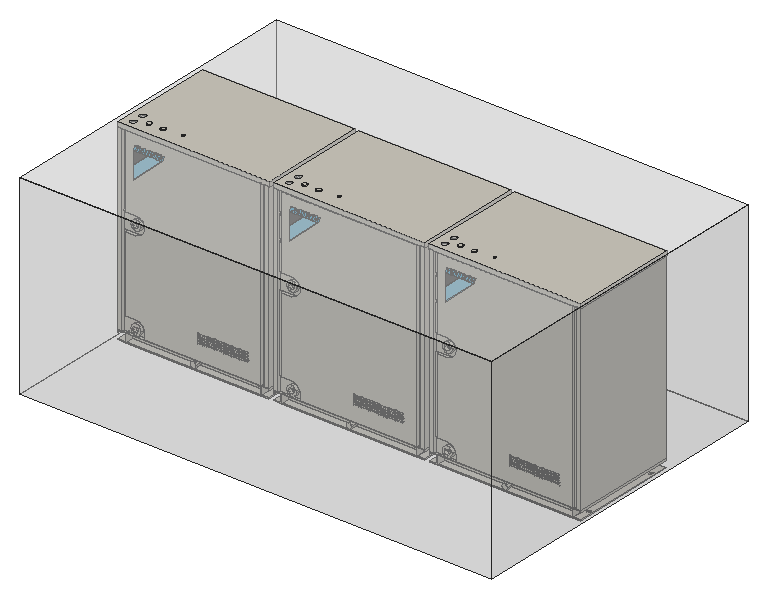
Revit family "outputfile", category 機械設備, Revit 2024 (continued)
Definition of nested family "DAIKIN_outdoorunit_RWEYQ-TY14"
  Definition of nested family "outdoorunit_frontpanel"
    Dimensions and locks
      aligned and locked: level to plane 2 "Bottom"
      aligned and locked: plane 8 "Left" to Extrusion 1 sketch curve
      aligned and locked: Extrusion 1 sketch curve to plane 4 "Back"
      aligned and locked: plane 5 "Front" to Extrusion 1 sketch curve
      aligned and locked: Extrusion 1 to plane 2 "Bottom"
      aligned and locked: plane 7 "Top" to Extrusion 1
      aligned and locked: plane 3 to plane 8 "Left"
      aligned and locked: plane 8 "Left" to Extrusion 2 sketch curve
      aligned and locked: Extrusion 2 sketch curve to plane 7 "Top"
      aligned and locked: plane 2 "Bottom" to Extrusion 2 sketch curve
      aligned and locked: Extrusion 2 sketch curve to plane 2 "Bottom"
      aligned and locked: plane 6 to Extrusion 2 sketch curve
      aligned and locked: plane 7 "Top" to Extrusion 2 sketch curve
      aligned and locked: Extrusion 2 to plane 1 "Center (Front/Back)"
      aligned and locked: plane 9 "Center L/S" to Extrusion 3
      aligned and locked: Extrusion 4 sketch curve to plane 7 "Top"
      aligned and locked: plane 2 "Bottom" to Extrusion 4 sketch curve
      aligned and locked: Extrusion 4 to plane 9 "Center L/S"
      aligned and locked: Extrusion 5 to plane 5 "Front"
      aligned and locked: plane 9 "Center L/S" to Extrusion 5
      aligned and locked: Extrusion 6 to plane 10 "Center L/T"
    Automatic sketch dimensions
      Extrusion 1 sketch curve to plane 6 = 0.0 mm
      Extrusion 3 sketch curve to plane 7 "Top" = 0.0 mm
      plane 3 to Extrusion 3 sketch curve = 2.0 mm  (x4)
      plane 3 to Extrusion 3 sketch curve = 10.5 mm
      Extrusion 3 sketch curve to Extrusion 3 sketch curve = 71.0 mm
      level to Extrusion 3 sketch curve = 31.0 mm
      Extrusion 3 sketch curve to plane 3 = 33.0 mm
      plane 6 to Extrusion 4 sketch curve = 236.161 mm
      Extrusion 5 sketch curve to Extrusion 5 sketch curve = 0.0 mm  (x4)
      plane 3 to Extrusion 5 sketch curve = 73.0 mm  (x2)
      level to Extrusion 5 sketch curve = 31.0 mm
      Extrusion 5 sketch curve to plane 7 "Top" = 420.0 mm
      level to Extrusion 6 sketch curve = 131.0 mm
      Extrusion 6 sketch curve to plane 6 = 345.2 mm
      Extrusion 6 sketch curve to Extrusion 6 sketch curve = 0.0 mm  (x40)
      Extrusion 6 sketch curve to Extrusion 6 sketch curve = 42.7 mm  (x2)
      Extrusion 6 sketch curve to Extrusion 6 sketch curve = 1.0 mm  (x32)
      Extrusion 6 sketch curve to Extrusion 6 sketch curve = 42.2 mm  (x4)
      Extrusion 6 sketch curve to Extrusion 6 sketch curve = 12.25 mm  (x7)
      Extrusion 6 sketch curve to Extrusion 6 sketch curve = 11.75 mm  (x9)
      radius of Extrusion 5 sketch curve = 25.0 mm  (x2)
      radius of Extrusion 5 sketch curve = 15.5 mm  (x2)
  Definition of nested family "outdoorunit_rightpanel1"
    Parameters (values of type "frontpanel1")
      width = 550.0 mm
      material [instance] = none
      height1 = 931.0 mm
      depth = 20.0 mm
      Default Elevation = 0.0 mm
    Reference planes
      plane 1 "Center (Front/Back)": y = 0
      plane 2 "Bottom": z = 0
      plane 3: x = 0
      plane 4 "Back": y = 10
      plane 5 "Front": y = -10
      plane 6: x = 550
      plane 7 "Top": z = 931
      plane 8 "Left": x = 0
      plane 9: y = -8.75
      plane 10: z = 639
      plane 11: y = -5.75
      plane 12: y = -2.551
      plane 13: y = -13
      plane 14: x = 275
    Forms (mm)
      Extrusion 1, solid, material <- "material"
        sketch origin (0, 0, 0) x (1, 0, 0) y (0, 1, 0)
          loop
            line (0, 10) -> (0, -10) -> (550, -10) -> (550, 10) -> (0, 10)
        from 0 to 931
    Dimensions and locks
      equal spacing: plane 4 "Back", plane 1 "Center (Front/Back)", plane 5 "Front"
      "depth": plane 4 "Back" to plane 5 "Front"
      "width": plane 8 "Left" to plane 6
      "height1": plane 7 "Top" to plane 2 "Bottom"
      locked: plane 10 to plane 2 "Bottom" at 639
      locked: plane 12 to plane 11 at 3.199
      plane 5 "Front" to plane 13 = 3.0 mm
      equal spacing: plane 8 "Left", plane 14, plane 6
      aligned and locked: level to plane 2 "Bottom"
      aligned and locked: plane 8 "Left" to Extrusion 1 sketch curve
      aligned and locked: Extrusion 1 sketch curve to plane 4 "Back"
      aligned and locked: plane 5 "Front" to Extrusion 1 sketch curve
      aligned and locked: Extrusion 1 to plane 2 "Bottom"
      aligned and locked: plane 7 "Top" to Extrusion 1
      aligned and locked: plane 3 to plane 8 "Left"
    Automatic sketch dimensions
      Extrusion 1 sketch curve to plane 6 = 0.0 mm
  Definition of nested family "outdoorunit_backpanel"
    Parameters (values of type "frontpanel1")
      width = 736.0 mm
      material [instance] = none
      height1 = 931.0 mm
      depth = 20.0 mm
      Default Elevation = 0.0 mm
    Reference planes
      plane 1 "Center (Front/Back)": y = 0
      plane 2 "Bottom": z = 0
      plane 3: x = 0
      plane 4 "Back": y = 10
      plane 5 "Front": y = -10
      plane 6: x = 736
      plane 7 "Top": z = 931
      plane 8 "Left": x = 0
      plane 9: z = 639
      plane 10: x = 368
    Forms (mm)
      Extrusion 1, solid, material <- "material"
        sketch origin (0, 0, 0) x (1, 0, 0) y (0, 1, 0)
          loop
            line (0, 10) -> (0, -10) -> (736, -10) -> (736, 10) -> (0, 10)
        from 0 to 931
      Extrusion 2, void
        sketch origin (0, 0, 0) x (1, 0, 0) y (0, 1, 0)
          loop
            line (0, -4) -> (0, -10) -> (21, -10) -> (21, -7) -> (2, -7) -> (2, -4) -> (0, -4)
          loop
            line (736, -4) -> (734, -4) -> (734, -7) -> (715, -7) -> (715, -10) -> (736, -10) -> (736, -4)
        from 0 to 931
    Cuts and joins
      Extrusion 2 cuts Extrusion 1
    Dimensions and locks
      equal spacing: plane 4 "Back", plane 1 "Center (Front/Back)", plane 5 "Front"
      "depth": plane 4 "Back" to plane 5 "Front"
      "width": plane 8 "Left" to plane 6
      "height1": plane 7 "Top" to plane 2 "Bottom"
      locked: plane 9 to plane 2 "Bottom" at 639
      equal spacing: plane 8 "Left", plane 10, plane 6
      aligned and locked: level to plane 2 "Bottom"
      aligned and locked: plane 8 "Left" to Extrusion 1 sketch curve
      aligned and locked: Extrusion 1 sketch curve to plane 4 "Back"
      aligned and locked: plane 5 "Front" to Extrusion 1 sketch curve
      aligned and locked: Extrusion 1 to plane 2 "Bottom"
      aligned and locked: plane 7 "Top" to Extrusion 1
      aligned and locked: plane 3 to plane 8 "Left"
    Automatic sketch dimensions
      Extrusion 1 sketch curve to plane 6 = 0.0 mm
      Extrusion 2 sketch curve to plane 3 = 0.0 mm
      Extrusion 2 sketch curve to plane 5 "Front" = 0.0 mm  (x2)
      Extrusion 2 sketch curve to plane 6 = 0.0 mm
      plane 3 to Extrusion 2 sketch curve = 2.0 mm
      Extrusion 2 sketch curve to Extrusion 2 sketch curve = 19.0 mm
      Extrusion 2 sketch curve to Extrusion 2 sketch curve = 21.0 mm
      Extrusion 2 sketch curve to plane 6 = 2.0 mm
      Extrusion 2 sketch curve to Extrusion 2 sketch curve = 3.0 mm  (x4)
  Definition of nested family "outdoorunit_leftpanel"
    Parameters (values of type "frontpanel1")
      width = 550.0 mm
      material [instance] = none
      height1 = 931.0 mm
      depth = 20.0 mm
      Default Elevation = 0.0 mm
    Reference planes
      plane 1 "Center (Front/Back)": y = 0
      plane 2 "Bottom": z = 0
      plane 3: x = 0
      plane 4 "Back": y = 10
      plane 5 "Front": y = -10
      plane 6: x = 550
      plane 7 "Top": z = 931
      plane 8 "Left": x = 0
      plane 9: y = -8.75
      plane 10: z = 639
      plane 11: y = -5.75
      plane 12: y = -2.551
      plane 13: y = -13
      plane 14: x = 275
    Forms (mm)
      Extrusion 1, solid, material <- "material"
        sketch origin (0, 0, 0) x (1, 0, 0) y (0, 1, 0)
          loop
            line (0, 10) -> (0, -10) -> (550, -10) -> (550, 10) -> (0, 10)
        from 0 to 931
    Dimensions and locks
      equal spacing: plane 4 "Back", plane 1 "Center (Front/Back)", plane 5 "Front"
      "depth": plane 4 "Back" to plane 5 "Front"
      "width": plane 8 "Left" to plane 6
      "height1": plane 7 "Top" to plane 2 "Bottom"
      locked: plane 10 to plane 2 "Bottom" at 639
      locked: plane 12 to plane 11 at 3.199
      plane 5 "Front" to plane 13 = 3.0 mm
      equal spacing: plane 8 "Left", plane 14, plane 6
      aligned and locked: level to plane 2 "Bottom"
      aligned and locked: plane 8 "Left" to Extrusion 1 sketch curve
      aligned and locked: Extrusion 1 sketch curve to plane 4 "Back"
      aligned and locked: plane 5 "Front" to Extrusion 1 sketch curve
      aligned and locked: Extrusion 1 to plane 2 "Bottom"
      aligned and locked: plane 7 "Top" to Extrusion 1
      aligned and locked: plane 3 to plane 8 "Left"
    Automatic sketch dimensions
      Extrusion 1 sketch curve to plane 6 = 0.0 mm
  Definition of nested family "outdoorunit_uppanel"
    Parameters (values of type "frontpanel1")
      width = 780.0 mm
      material [instance] = none
      height1 = 550.0 mm
      depth = 24.0 mm
      Default Elevation = 0.0 mm
    Reference planes
      plane 1 "Center (Front/Back)": y = 0
      plane 2 "Bottom": z = 0
      plane 3: x = 0
      plane 4 "Back": y = 12
      plane 5 "Front": y = -12
      plane 6: x = 780
      plane 7 "Top": z = 550
      plane 8 "Left": x = 0
      plane 9: y = -8.75
      plane 10: z = 639
      plane 11: y = -5.75
      plane 12: y = -2.551
    Forms (mm)
      Extrusion 1, solid, material <- "material"
        sketch origin (0, 0, 0) x (1, 0, 0) y (0, 1, 0)
          loop
            line (0, 12) -> (0, -12) -> (780, -12) -> (780, 12) -> (0, 12)
        from 0 to 550
      Extrusion 2, void
        sketch origin (0, 0, 0) x (1, 0, 0) y (0, 0, 1)
          loop
            circle (51, 38) r 14.5
          loop
            circle (51, 98) r 14.5
        from 9 to 12
    Cuts and joins
      Extrusion 2 cuts Extrusion 1
    Dimensions and locks
      equal spacing: plane 4 "Back", plane 1 "Center (Front/Back)", plane 5 "Front"
      "depth": plane 4 "Back" to plane 5 "Front"
      "width": plane 8 "Left" to plane 6
      "height1": plane 7 "Top" to plane 2 "Bottom"
      locked: plane 10 to plane 2 "Bottom" at 639
      locked: Extrusion 2 sketch curve to plane 8 "Left" at 51  (x2)
      locked: Extrusion 2 sketch curve to level at 38
      locked: Extrusion 2 sketch curve to Extrusion 2 sketch curve at 60
      aligned and locked: level to plane 2 "Bottom"
      aligned and locked: plane 8 "Left" to Extrusion 1 sketch curve
      aligned and locked: Extrusion 1 sketch curve to plane 4 "Back"
      aligned and locked: Extrusion 1 sketch curve to plane 5 "Front"
      aligned and locked: Extrusion 1 to plane 2 "Bottom"
      aligned and locked: plane 7 "Top" to Extrusion 1
      aligned and locked: plane 3 to plane 8 "Left"
    Automatic sketch dimensions
      Extrusion 1 sketch curve to plane 6 = 0.0 mm
      radius of Extrusion 2 sketch curve = 14.5 mm  (x2)
  Definition of nested family "outdoorunit_downpanel"
    Parameters (values of type "frontpanel1")
      width = 736.0 mm
      material [instance] = none
      height1 = 510.0 mm
      depth = 20.0 mm
      Default Elevation = 0.0 mm
    Reference planes
      plane 1 "Center (Front/Back)": y = 0
      plane 2 "Bottom": z = 0
      plane 3: x = 0
      plane 4 "Back": y = 10
      plane 5 "Front": y = -10
      plane 6: x = 736
      plane 7 "Top": z = 510
      plane 8 "Left": x = 0
      plane 9: z = 255
      plane 10: y = -18
      plane 11: y = 6
      plane 12: y = 8
      plane 13: x = 368
    Forms (mm)
      Extrusion 1, solid, material <- "material"
        sketch origin (0, 0, 0) x (1, 0, 0) y (0, 1, 0)
          loop
            line (0, 10) -> (0, -10) -> (736, -10) -> (736, 10) -> (0, 10)
        from 0 to 510
    Dimensions and locks
      equal spacing: plane 4 "Back", plane 1 "Center (Front/Back)", plane 5 "Front"
      "depth": plane 4 "Back" to plane 5 "Front"
      "width": plane 8 "Left" to plane 6
      "height1": plane 7 "Top" to plane 2 "Bottom"
      plane 4 "Back" to plane 11 = 4.0 mm
      plane 4 "Back" to plane 12 = 2.0 mm
      equal spacing: plane 8 "Left", plane 13, plane 6
      equal spacing: plane 7 "Top", plane 9, plane 2 "Bottom"
      aligned and locked: level to plane 2 "Bottom"
      aligned and locked: plane 8 "Left" to Extrusion 1 sketch curve
      aligned and locked: Extrusion 1 sketch curve to plane 4 "Back"
      aligned and locked: plane 5 "Front" to Extrusion 1 sketch curve
      aligned and locked: Extrusion 1 to plane 2 "Bottom"
      aligned and locked: plane 7 "Top" to Extrusion 1
      aligned and locked: plane 3 to plane 8 "Left"
    Automatic sketch dimensions
      Extrusion 1 sketch curve to plane 6 = 0.0 mm
  Definition of nested family "daikin_mountinghole"
    Parameters (values of type "daikin_mountinghole")
      Default Elevation = 1219.2 mm
      Type Comments = "mountinghole"
      show [instance] = yes
      material = none
      l_centerline = 100.0 mm
      l_antenna [instance] = 100.0 mm
      h_mountinghole [instance] = 0.0 mm
      d_circle = 30.0 mm
      Link_Nested Family [instance] = ""
    Reference planes
      plane 1 "Center (Front/Back)": y = 0
      plane 2: z = 0
      plane 3 "Center (Left/Right)": x = 0
      plane 4: y = 50
      plane 5: x = -50
      plane 6: x = 50
      plane 7: y = -50
      plane 8 "h_mountinghole": z = 0
      plane 9: z = 100
    Lines and regions (mm)
      model lines, detail levels fine
        curve 1: circle (0, 0, 0) r 15 normal (0, 0, 1)
        curve 2: line (-50, 0, 0) -> (50, 0, 0)
        curve 3: line (0, 50, 0) -> (0, -50, 0)
      symbolic lines, detail levels fine
        curve 4: circle (0, 0, 0) r 15 normal (0, 0, 1)
        curve 5: line (-50, 0, 0) -> (50, 0, 0)
        curve 6: line (0, 50, 0) -> (0, -50, 0)
      model lines
        curve 7: line (0, 0, 100) -> (0, 0, 0)
    Dimensions and locks
      equal spacing: plane 4, plane 1 "Center (Front/Back)", plane 7
      "l_centerline": plane 4 to plane 7
      equal spacing: plane 5, plane 3 "Center (Left/Right)", plane 6
      "l_centerline": plane 5 to plane 6
      "l_antenna": plane 9 to plane 8 "h_mountinghole"
      "h_mountinghole": plane 8 "h_mountinghole" to plane 2
      "d_circle": diameter of curve 1
      "d_circle": diameter of curve 4
      aligned and locked: level to plane 2
      aligned and locked: plane 1 "Center (Front/Back)" to curve 1
      aligned and locked: plane 3 "Center (Left/Right)" to curve 1
      aligned and locked: plane 1 "Center (Front/Back)" to curve 2
      aligned and locked: curve 3 to plane 3 "Center (Left/Right)"
      aligned and locked: plane 6 to curve 2
      aligned and locked: plane 5 to curve 2
      aligned and locked: plane 4 to curve 3
      aligned and locked: plane 7 to curve 3
      aligned and locked: plane 1 "Center (Front/Back)" to curve 4
      aligned and locked: plane 3 "Center (Left/Right)" to curve 4
      aligned and locked: plane 6 to curve 5
      aligned and locked: plane 5 to curve 5
      aligned and locked: plane 1 "Center (Front/Back)" to curve 5
      aligned and locked: plane 4 to curve 6
      aligned and locked: plane 7 to curve 6
      aligned and locked: curve 6 to plane 3 "Center (Left/Right)"
      aligned and locked: curve 7 to plane 3 "Center (Left/Right)"
      aligned and locked: plane 9 to curve 7
      aligned and locked: plane 8 "h_mountinghole" to curve 7
Definition of nested family "daikin_clearancespace"
  Parameters (values of type "daikin_clearancespace")
    Description = "daikin_clearancespace"
    width [instance] = 1823.963 mm
    show [instance] = yes
    material = none
    height [instance] = 1359.762 mm
    depth [instance] = 880.0 mm
    Default Elevation = 0.0 mm
    Link_Nested Family [instance] = ""
  Reference planes
    plane 1 "Center (Front/Back)": y = 0
    plane 2 "Center (Elevation)": z = -0.119
    plane 3 "Center (Left/Right)": x = 0
    plane 4: y = 440
    plane 5: y = -440
    plane 6 "Right": x = 911.982
    plane 7 "Left": x = -911.982
    plane 8 "Top": z = 679.762
    plane 9 "Bottom": z = -680
  Forms (mm)
    Extrusion 1, solid, material <- "material", visible <- "show"
      sketch origin (0, 0, 0) x (1, 0, 0) y (0, 1, 0)
        loop
          line (-911.982, 440) -> (-911.982, -440) -> (911.982, -440) -> (911.982, 440) -> (-911.982, 440)
      from -680 to 679.762
  Lines and regions (mm)
    symbolic lines, visible <- "show"
      curve 1: line (911.982, 440, 0) -> (-911.982, 440, 0)
      curve 2: line (-911.982, 440, 0) -> (-911.982, -440, 0)
      curve 3: line (-911.982, -440, 0) -> (911.982, -440, 0)
      curve 4: line (911.982, -440, 0) -> (911.982, 440, 0)
      curve 5: line (911.982, 0, 679.762) -> (-911.982, 0, 679.762)
      curve 6: line (911.982, 0, -680) -> (911.982, 0, 679.762)
      curve 7: line (-911.982, 0, -680) -> (911.982, 0, -680)
      curve 8: line (-911.982, 0, 679.762) -> (-911.982, 0, -680)
      curve 9: line (0, 440, 679.762) -> (0, -440, 679.762)
      curve 10: line (0, -440, 679.762) -> (0, -440, -680)
      curve 11: line (0, 440, -680) -> (0, 440, 679.762)
      curve 12: line (0, -440, -680) -> (0, 440, -680)
  Dimensions and locks
    "width": plane 7 "Left" to plane 6 "Right"
    "depth": plane 4 to plane 5
    "height": plane 8 "Top" to plane 9 "Bottom"
    equal spacing: plane 7 "Left", plane 3 "Center (Left/Right)", plane 6 "Right"
    equal spacing: plane 4, plane 1 "Center (Front/Back)", plane 5
    equal spacing: plane 8 "Top", plane 2 "Center (Elevation)", plane 9 "Bottom"
    aligned and locked: level to plane 2 "Center (Elevation)"
    aligned and locked: Extrusion 1 sketch curve to plane 4
    aligned and locked: plane 7 "Left" to Extrusion 1 sketch curve
    aligned and locked: Extrusion 1 sketch curve to plane 5
    aligned and locked: Extrusion 1 sketch curve to plane 6 "Right"
    aligned and locked: plane 8 "Top" to Extrusion 1
    aligned and locked: curve 1 to Extrusion 1
    aligned and locked: curve 2 to Extrusion 1
    aligned and locked: curve 3 to Extrusion 1
    aligned and locked: curve 4 to Extrusion 1
    aligned and locked: curve 5 to Extrusion 1
    aligned and locked: curve 6 to Extrusion 1
    aligned and locked: curve 7 to Extrusion 1
    aligned and locked: curve 8 to Extrusion 1
    aligned and locked: curve 9 to Extrusion 1
    aligned and locked: curve 10 to Extrusion 1
    aligned and locked: curve 11 to Extrusion 1
    aligned and locked: curve 12 to Extrusion 1
    aligned and locked: Extrusion 1 to plane 9 "Bottom"
Definition of nested family "daikin_logo_elevation_w150"
  Parameters (values of type "daikin_logo_elevation_w150")
    width = 150.0 mm
    show_logo [instance] = yes
    material = none
    height = 180.0 mm
    depth = 5.0 mm
    Default Elevation = 0.0 mm
  Reference planes
    plane 1 "Center (Front/Back)": y = 0
    plane 2: z = 0
    plane 3 "Center (Left/Right)": x = 0
    plane 4 "top": z = 180
    plane 5: z = 155.432
    plane 6 "left": x = -90
    plane 7 "right": x = 60
    plane 8: y = -5
  Forms (mm)
    Extrusion 1, solid, visible <- "show_logo"
      sketch origin (0, 0, 0) x (1, 0, 0) y (0, 0, 1)
        loop
          line (-90, 22.832) -> (54.211, 155.432) -> (-19.804, 155.432) -> (-90, 91.131) -> (-90, 22.832)
      from 0 to 5
    Extrusion 2, solid, visible <- "show_logo"
      sketch origin (0, 0, 0) x (1, 0, 0) y (0, 0, 1)
        loop
          line (-90, 155.432) -> (-90, 91.131) -> (-19.804, 155.432) -> (-90, 155.432)
      from 0 to 5
    Extrusion 3, solid, visible <- "show_logo"
      sketch origin (0, 0, 0) x (1, 0, 0) y (0, 0, 1)
        loop
          line (-73.294, 180) -> (-84.431, 180) -> (-90, 157.726) -> (-73.294, 157.726)
          arc (-73.294, 157.726) -> (-66.673, 159.069) -> (-61.582, 163.51) r 13.209
          arc (-61.582, 163.51) -> (-59.344, 169.288) -> (-60.109, 175.436) r 12.685
          arc (-60.109, 175.436) -> (-61.683, 177.678) -> (-64.031, 179.088) r 6.606
          arc (-64.031, 179.088) -> (-68.629, 179.878) -> (-73.294, 180) r 32.396
        loop
          line (-78.863, 162.18) -> (-74.408, 162.18)
          arc (-74.408, 162.18) -> (-70.986, 164.473) -> (-69.002, 168.082) r 8.708
          arc (-69.002, 168.082) -> (-68.734, 170.84) -> (-69.386, 173.533) r 8.337
          arc (-69.386, 173.533) -> (-70.358, 174.487) -> (-71.624, 174.988) r 3.442
          line (-71.624, 174.988) -> (-76.078, 174.988) -> (-78.863, 162.18)
        loop
          line (-61.043, 157.726) -> (-54.918, 157.726) -> (-52.829, 161.624) -> (-44.059, 161.624) -> (-43.223, 157.726) -> (-33.2, 157.726) -> (-37.655, 180) -> (-48.792, 180) -> (-61.043, 157.726)
        loop
          line (-50.145, 166.635) -> (-45.133, 166.635) -> (-46.565, 173.318) -> (-50.145, 166.635)
        loop
          line (-24.847, 180) -> (-30.416, 157.726) -> (-20.949, 157.726) -> (-15.38, 180) -> (-24.847, 180)
        loop
          line (-15.38, 157.726) -> (-5.914, 157.726) -> (-4.4, 163.779) -> (0.212, 157.726) -> (11.906, 157.726) -> (2.996, 169.42) -> (15.804, 180) -> (5.78, 180) -> (-1.94, 173.623) -> (-0.345, 180) -> (-9.812, 180) -> (-15.38, 157.726)
        loop
          line (20.259, 180) -> (14.133, 157.726) -> (24.157, 157.726) -> (29.725, 180) -> (20.259, 180)
        loop
          line (29.725, 157.726) -> (36.408, 157.726) -> (39.555, 170.315) -> (43.647, 157.726) -> (54.784, 157.726) -> (60.353, 180) -> (53.671, 180) -> (50.281, 166.442) -> (45.874, 180) -> (35.294, 180) -> (29.725, 157.726)
      from 0 to 5
  Dimensions and locks
    "height": plane 4 "top" to plane 2
    locked: plane 4 "top" to plane 5 at 24.568
    "width": plane 6 "left" to plane 7 "right"
    "depth": plane 8 to plane 1 "Center (Front/Back)"
    aligned and locked: level to plane 2
    aligned and locked: plane 4 "top" to Extrusion 3  (x8)
    aligned and locked: plane 5 to Extrusion 1
    aligned and locked: plane 5 to Extrusion 2
    aligned and locked: plane 6 "left" to Extrusion 2
    aligned and locked: plane 6 "left" to Extrusion 1
    aligned and locked: Extrusion 3 to plane 8
    aligned and locked: Extrusion 1 to plane 8
    aligned and locked: Extrusion 2 to plane 8
  Automatic sketch dimensions
    level to Extrusion 1 sketch curve = 22.832 mm
    Extrusion 1 sketch curve to Extrusion 1 sketch curve = 68.298 mm
    Extrusion 1 sketch curve to plane 4 "top" = 24.568 mm
    Extrusion 1 sketch curve to plane 3 "Center (Left/Right)" = 19.804 mm
    Extrusion 2 sketch curve to plane 4 "top" = 24.568 mm
    Extrusion 2 sketch curve to plane 3 "Center (Left/Right)" = 19.804 mm
    Extrusion 2 sketch curve to Extrusion 2 sketch curve = 64.302 mm
    Extrusion 3 sketch curve to plane 4 "top" = 0.0 mm  (x8)
    Extrusion 3 sketch curve to plane 4 "top" = 0.912 mm
    Extrusion 3 sketch curve to Extrusion 3 sketch curve = 2.154 mm
    Extrusion 3 sketch curve to Extrusion 3 sketch curve = 6.245 mm
    Extrusion 3 sketch curve to plane 4 "top" = 4.564 mm
    Extrusion 3 sketch curve to Extrusion 3 sketch curve = 5.748 mm
    Extrusion 3 sketch curve to Extrusion 3 sketch curve = 2.001 mm
    Extrusion 3 sketch curve to Extrusion 3 sketch curve = 4.603 mm
    Extrusion 3 sketch curve to Extrusion 3 sketch curve = 0.59 mm
    Extrusion 3 sketch curve to Extrusion 3 sketch curve = 0.07 mm
    Extrusion 3 sketch curve to Extrusion 3 sketch curve = 1.49 mm
    Extrusion 3 sketch curve to plane 4 "top" = 5.012 mm
    Extrusion 3 sketch curve to Extrusion 3 sketch curve = 3.556 mm
    Extrusion 3 sketch curve to Extrusion 3 sketch curve = 5.569 mm  (x3)
    Extrusion 3 sketch curve to Extrusion 3 sketch curve = 0.309 mm
    Extrusion 3 sketch curve to Extrusion 3 sketch curve = 4.455 mm  (x4)
    Extrusion 3 sketch curve to Extrusion 3 sketch curve = 0.288 mm
    Extrusion 3 sketch curve to Extrusion 3 sketch curve = 0.689 mm
    Extrusion 3 sketch curve to Extrusion 3 sketch curve = 2.238 mm
    Extrusion 3 sketch curve to Extrusion 3 sketch curve = 4.528 mm
    Extrusion 3 sketch curve to Extrusion 3 sketch curve = 0.658 mm
    Extrusion 3 sketch curve to Extrusion 3 sketch curve = 2.931 mm
    Extrusion 3 sketch curve to Extrusion 3 sketch curve = 0.357 mm
    Extrusion 3 sketch curve to Extrusion 3 sketch curve = 0.101 mm
    Extrusion 3 sketch curve to Extrusion 3 sketch curve = 11.317 mm
    Extrusion 3 sketch curve to Extrusion 3 sketch curve = 0.539 mm
    Extrusion 3 sketch curve to Extrusion 3 sketch curve = 11.137 mm  (x2)
    Extrusion 3 sketch curve to Extrusion 3 sketch curve = 5.784 mm
    Extrusion 3 sketch curve to Extrusion 3 sketch curve = 10.024 mm  (x3)
    Extrusion 3 sketch curve to Extrusion 3 sketch curve = 0.835 mm
    Extrusion 3 sketch curve to Extrusion 3 sketch curve = 8.771 mm
    Extrusion 3 sketch curve to Extrusion 3 sketch curve = 2.088 mm
    Extrusion 3 sketch curve to Extrusion 3 sketch curve = 3.898 mm
    Extrusion 3 sketch curve to plane 4 "top" = 6.682 mm
    Extrusion 3 sketch curve to Extrusion 3 sketch curve = 2.227 mm  (x2)
    Extrusion 3 sketch curve to Extrusion 3 sketch curve = 2.685 mm
    Extrusion 3 sketch curve to plane 4 "top" = 13.365 mm
    Extrusion 3 sketch curve to Extrusion 3 sketch curve = 5.012 mm
    Extrusion 3 sketch curve to Extrusion 3 sketch curve = 12.808 mm
    Extrusion 3 sketch curve to Extrusion 3 sketch curve = 2.784 mm
    Extrusion 3 sketch curve to Extrusion 3 sketch curve = 9.467 mm  (x4)
    Extrusion 3 sketch curve to Extrusion 3 sketch curve = 0.0 mm  (x5)
    Extrusion 3 sketch curve to Extrusion 3 sketch curve = 5.568 mm  (x2)
    Extrusion 3 sketch curve to plane 3 "Center (Left/Right)" = 0.345 mm
    Extrusion 3 sketch curve to plane 3 "Center (Left/Right)" = 1.94 mm
    Extrusion 3 sketch curve to plane 4 "top" = 6.377 mm
    plane 3 "Center (Left/Right)" to Extrusion 3 sketch curve = 5.78 mm
    plane 3 "Center (Left/Right)" to Extrusion 3 sketch curve = 2.996 mm
    Extrusion 3 sketch curve to Extrusion 3 sketch curve = 4.203 mm
    plane 3 "Center (Left/Right)" to Extrusion 3 sketch curve = 11.906 mm
    Extrusion 3 sketch curve to Extrusion 3 sketch curve = 11.694 mm
    plane 3 "Center (Left/Right)" to Extrusion 3 sketch curve = 0.212 mm
    Extrusion 3 sketch curve to plane 3 "Center (Left/Right)" = 4.4 mm
    Extrusion 3 sketch curve to Extrusion 3 sketch curve = 6.053 mm
    Extrusion 3 sketch curve to plane 3 "Center (Left/Right)" = 5.914 mm
    Extrusion 3 sketch curve to Extrusion 3 sketch curve = 10.581 mm
    Extrusion 3 sketch curve to plane 4 "top" = 13.558 mm
    Extrusion 3 sketch curve to Extrusion 3 sketch curve = 4.406 mm
    Extrusion 3 sketch curve to Extrusion 3 sketch curve = 7.796 mm
    Extrusion 3 sketch curve to Extrusion 3 sketch curve = 6.682 mm  (x2)
    Extrusion 3 sketch curve to Extrusion 3 sketch curve = 4.503 mm
    Extrusion 3 sketch curve to Extrusion 3 sketch curve = 8.716 mm
    Extrusion 3 sketch curve to Extrusion 3 sketch curve = 6.634 mm
    Extrusion 3 sketch curve to plane 4 "top" = 9.685 mm
    Extrusion 3 sketch curve to Extrusion 3 sketch curve = 4.261 mm
    Extrusion 3 sketch curve to Extrusion 3 sketch curve = 1.67 mm
    Extrusion 3 sketch curve to Extrusion 3 sketch curve = 8.353 mm
    Extrusion 1 sketch curve to plane 3 "Center (Left/Right)" = 90.0 mm
    Extrusion 2 sketch curve to Extrusion 2 sketch curve = 70.196 mm
    plane 3 "Center (Left/Right)" to Extrusion 1 sketch curve = 54.211 mm
Definition of nested family "daikin_mountinghole"
  Parameters (values of type "daikin_mountinghole")
    Default Elevation = 1219.2 mm
    Type Comments = "mountinghole"
    show [instance] = yes
    material = none
    l_centerline = 100.0 mm
    l_antenna [instance] = 100.0 mm
    h_mountinghole [instance] = 0.0 mm
    d_circle = 30.0 mm
    Link_Nested Family [instance] = ""
  Reference planes
    plane 1 "Center (Front/Back)": y = 0
    plane 2: z = 0
    plane 3 "Center (Left/Right)": x = 0
    plane 4: y = 50
    plane 5: x = -50
    plane 6: x = 50
    plane 7: y = -50
    plane 8 "h_mountinghole": z = 0
    plane 9: z = 100
  Lines and regions (mm)
    model lines, detail levels fine
      curve 1: circle (0, 0, 0) r 15 normal (0, 0, 1)
      curve 2: line (-50, 0, 0) -> (50, 0, 0)
      curve 3: line (0, 50, 0) -> (0, -50, 0)
    symbolic lines, detail levels fine
      curve 4: circle (0, 0, 0) r 15 normal (0, 0, 1)
      curve 5: line (-50, 0, 0) -> (50, 0, 0)
      curve 6: line (0, 50, 0) -> (0, -50, 0)
    model lines
      curve 7: line (0, 0, 100) -> (0, 0, 0)
  Dimensions and locks
    equal spacing: plane 4, plane 1 "Center (Front/Back)", plane 7
    "l_centerline": plane 4 to plane 7
    equal spacing: plane 5, plane 3 "Center (Left/Right)", plane 6
    "l_centerline": plane 5 to plane 6
    "l_antenna": plane 9 to plane 8 "h_mountinghole"
    "h_mountinghole": plane 8 "h_mountinghole" to plane 2
    "d_circle": diameter of curve 1
    "d_circle": diameter of curve 4
    aligned and locked: level to plane 2
    aligned and locked: plane 1 "Center (Front/Back)" to curve 1
    aligned and locked: plane 3 "Center (Left/Right)" to curve 1
    aligned and locked: plane 1 "Center (Front/Back)" to curve 2
    aligned and locked: curve 3 to plane 3 "Center (Left/Right)"
    aligned and locked: plane 6 to curve 2
    aligned and locked: plane 5 to curve 2
    aligned and locked: plane 4 to curve 3
    aligned and locked: plane 7 to curve 3
    aligned and locked: plane 1 "Center (Front/Back)" to curve 4
    aligned and locked: plane 3 "Center (Left/Right)" to curve 4
    aligned and locked: plane 6 to curve 5
    aligned and locked: plane 5 to curve 5
    aligned and locked: plane 1 "Center (Front/Back)" to curve 5
    aligned and locked: plane 4 to curve 6
    aligned and locked: plane 7 to curve 6
    aligned and locked: curve 6 to plane 3 "Center (Left/Right)"
    aligned and locked: curve 7 to plane 3 "Center (Left/Right)"
    aligned and locked: plane 9 to curve 7
    aligned and locked: plane 8 "h_mountinghole" to curve 7
Definition of nested family "daikin_connector_rotate3"
  Parameters (values of type "daikin_connector_rotate3")
    show [instance] = yes
    radius [instance] = 10.0 mm
    length [instance] = 600.0 mm
    angle_horizontal [instance] = 60.00°
    angle_vertical [instance] = 90.00°
    Default Elevation = 0.0 mm
  Reference planes
    plane 1 "Center (Front/Back)": y = 0
    plane 2: z = 0
    plane 3 "Center (Left/Right)": x = 0
  Dimensions and locks
    "angle_horizontal": angle plane 3 "Center (Left/Right)" to nested 1
    aligned and locked: level to plane 2
    aligned and locked: plane 1 "Center (Front/Back)" to nested 1  (x2)
    aligned and locked: plane 3 "Center (Left/Right)" to nested 1
  Nested families
    nested 1: "daikin_connector_rotate2" at (0, 0, 0) x (0.5, 0.866, 0) z (0, 0, 1), angle_vertical <- "angle_vertical", length <- "length", radius <- "radius", type "daikin_connector_rotate2"
      with radius 10.0 mm, length 600.0 mm, angle_vertical 90.00°
  Definition of nested family "daikin_connector_rotate2"
    Parameters (values of type "daikin_connector_rotate2")
      show_face = yes
      radius [instance] = 10.0 mm
      length [instance] = 600.0 mm
      d_surface = 10.0 mm
      angle_vertical [instance] = 90.00°
      Default Elevation = 0.0 mm
    Reference planes
      plane 1 "Center (Front/Back)": y = 0
      plane 2: z = 0
      plane 3 "Center (Left/Right)": x = 0
    Forms (mm)
      Extrusion 1, solid, visible <- "show_face"
        sketch origin (0, -600, 0) x (1, 0, 0) y (0, 0, 1)
          loop
            circle (0, 0) r 10
        from 0 to -10
    Lines and regions (mm)
      reference lines
        curve 1: line (0, 0, 0) -> (0, -600, 0)
      symbolic lines
        curve 2: circle (0, 0, 0) r 5 normal (0, 0, 1)
      model lines, visible <- "show_face"
        curve 3: line (0, 0, 0) -> (0, -600, 0)
    Dimensions and locks
      "length": curve 1 to curve 1
      "length": curve 3 to curve 3
      "d_surface": Extrusion 1 to Extrusion 1
      "radius": radius of Extrusion 1 sketch curve
      "angle_vertical": angle curve 1 to plane 1 "Center (Front/Back)"
      "angle_vertical": angle curve 3 to plane 1 "Center (Front/Back)"
      aligned and locked: level to plane 2
      aligned and locked: plane 1 "Center (Front/Back)" to curve 1
      aligned and locked: plane 2 to curve 1
      aligned and locked: plane 1 "Center (Front/Back)" to curve 2
      aligned and locked: plane 3 "Center (Left/Right)" to curve 2
      aligned and locked: plane 1 "Center (Front/Back)" to curve 3
      aligned and locked: plane 2 to curve 3
      aligned and locked: Extrusion 1 to Extrusion 1
    Automatic sketch dimensions
      Extrusion 1 sketch curve to level = 0.0 mm
      Extrusion 1 sketch curve to plane 3 "Center (Left/Right)" = 0.0 mm
      radius of curve 2 = 5.0 mm
